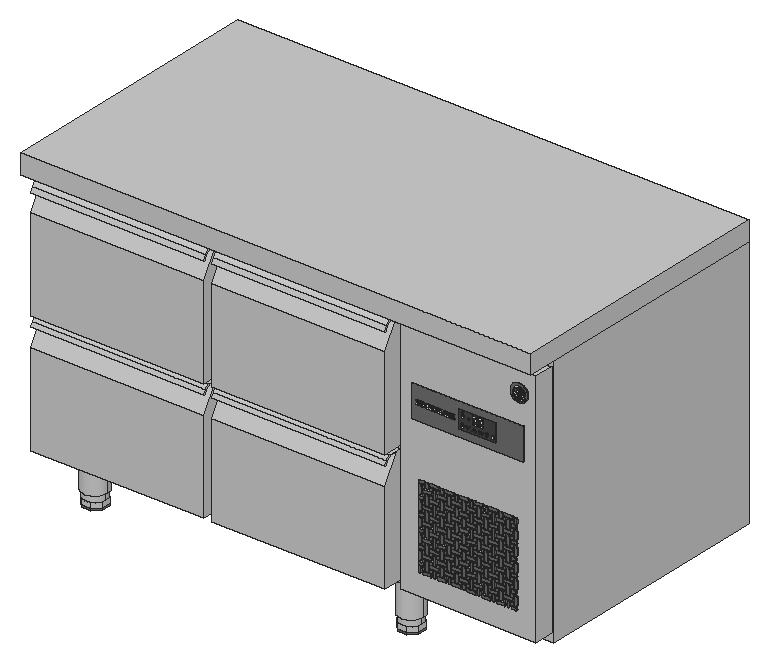
Revit family "QF_HOSHIZAKI_889000830", category Specialty Equipment, Revit 2016 (continued)
Definition of nested family "QF_HOSHIZAKI_889000830_230V_1Ph_50Hz"
  Definition of nested family "Control-panel"
    Forms (mm)
      Extrusion 1, solid
        sketch origin (-3653, 19.5, -135) x (-1, 0, 0) y (0, 0, 1)
          loop
            arc (-3954.5, 299.986) -> (-3951, 296.486) -> (-3947.5, 299.986) r 3.5
            line (-3947.5, 299.986) -> (-3947.5, 317.986)
          loop
            arc (-3941, 312.486) -> (-3944.5, 308.986) -> (-3941, 305.486) r 3.5
            line (-3941, 305.486) -> (-3923, 305.486)
            arc (-3923, 305.486) -> (-3919.5, 308.986) -> (-3923, 312.486) r 3.5
            line (-3923, 312.486) -> (-3941, 312.486)
          loop
            arc (-3903, 312.486) -> (-3906.5, 308.986) -> (-3903, 305.486) r 3.5
            line (-3903, 305.486) -> (-3885, 305.486)
            arc (-3885, 305.486) -> (-3881.5, 308.986) -> (-3885, 312.486) r 3.5
            line (-3885, 312.486) -> (-3903, 312.486)
          loop
            arc (-3865, 312.486) -> (-3868.5, 308.986) -> (-3865, 305.486) r 3.5
            line (-3865, 305.486) -> (-3847, 305.486)
            arc (-3847, 305.486) -> (-3843.5, 308.986) -> (-3847, 312.486) r 3.5
            line (-3847, 312.486) -> (-3865, 312.486)
          loop
            arc (-3827, 312.486) -> (-3830.5, 308.986) -> (-3827, 305.486) r 3.5
            line (-3827, 305.486) -> (-3809, 305.486)
            arc (-3809, 305.486) -> (-3805.5, 308.986) -> (-3809, 312.486) r 3.5
            line (-3809, 312.486) -> (-3827, 312.486)
          loop
            arc (-3789, 312.486) -> (-3792.5, 308.986) -> (-3789, 305.486) r 3.5
            line (-3789, 305.486) -> (-3771, 305.486)
            arc (-3771, 305.486) -> (-3767.5, 308.986) -> (-3771, 312.486) r 3.5
            line (-3771, 312.486) -> (-3789, 312.486)
          loop
            arc (-3751, 312.486) -> (-3754.5, 308.986) -> (-3751, 305.486) r 3.5
            line (-3751, 305.486) -> (-3733, 305.486)
            arc (-3733, 305.486) -> (-3729.5, 308.986) -> (-3733, 312.486) r 3.5
            line (-3733, 312.486) -> (-3751, 312.486)
          loop
            arc (-3713, 312.486) -> (-3716.5, 308.986) -> (-3713, 305.486) r 3.5
            line (-3713, 305.486) -> (-3704, 305.486)
            arc (-3704, 305.486) -> (-3700.5, 308.986) -> (-3704, 312.486) r 3.5
            line (-3704, 312.486) -> (-3713, 312.486)
          loop
            line (-3938.025, 302.996) -> (-3945.025, 302.996) -> (-3945.025, 295.996) -> (-3938.025, 295.996) -> (-3938.025, 302.996)
          loop
            line (-3919.025, 302.996) -> (-3926.025, 302.996) -> (-3926.025, 295.996) -> (-3919.025, 295.996) -> (-3919.025, 302.996)
          loop
            line (-3900.025, 302.996) -> (-3907.025, 302.996) -> (-3907.025, 295.996) -> (-3900.025, 295.996) -> (-3900.025, 302.996)
          loop
            line (-3881.025, 302.996) -> (-3888.025, 302.996) -> (-3888.025, 295.996) -> (-3881.025, 295.996) -> (-3881.025, 302.996)
          loop
            line (-3862.025, 302.996) -> (-3869.025, 302.996) -> (-3869.025, 295.996) -> (-3862.025, 295.996) -> (-3862.025, 302.996)
          loop
            line (-3843.025, 302.996) -> (-3850.025, 302.996) -> (-3850.025, 295.996) -> (-3843.025, 295.996) -> (-3843.025, 302.996)
          loop
            line (-3824.025, 302.996) -> (-3831.025, 302.996) -> (-3831.025, 295.996) -> (-3824.025, 295.996) -> (-3824.025, 302.996)
          loop
            line (-3805.025, 302.996) -> (-3812.025, 302.996) -> (-3812.025, 295.996) -> (-3805.025, 295.996) -> (-3805.025, 302.996)
          loop
            line (-3786.025, 302.996) -> (-3793.025, 302.996) -> (-3793.025, 295.996) -> (-3786.025, 295.996) -> (-3786.025, 302.996)
          loop
            line (-3767.025, 302.996) -> (-3774.025, 302.996) -> (-3774.025, 295.996) -> (-3767.025, 295.996) -> (-3767.025, 302.996)
          loop
            line (-3748.025, 302.996) -> (-3755.025, 302.996) -> (-3755.025, 295.996) -> (-3748.025, 295.996) -> (-3748.025, 302.996)
          loop
            line (-3729.025, 302.996) -> (-3736.025, 302.996) -> (-3736.025, 295.996) -> (-3729.025, 295.996) -> (-3729.025, 302.996)
          loop
            line (-3710.025, 302.996) -> (-3717.025, 302.996) -> (-3717.025, 295.996) -> (-3710.025, 295.996) -> (-3710.025, 302.996)
          loop
            line (-3935.5, 298.986) -> (-3935.5, 280.986)
            arc (-3935.5, 280.986) -> (-3932, 277.486) -> (-3928.5, 280.986) r 3.5
            line (-3928.5, 280.986) -> (-3928.5, 298.986)
            arc (-3928.5, 298.986) -> (-3932, 302.486) -> (-3935.5, 298.986) r 3.5
          loop
            line (-3897.5, 298.986) -> (-3897.5, 280.986)
            arc (-3897.5, 280.986) -> (-3894, 277.486) -> (-3890.5, 280.986) r 3.5
            line (-3890.5, 280.986) -> (-3890.5, 298.986)
            arc (-3890.5, 298.986) -> (-3894, 302.486) -> (-3897.5, 298.986) r 3.5
          loop
            line (-3859.5, 298.986) -> (-3859.5, 280.986)
            arc (-3859.5, 280.986) -> (-3856, 277.486) -> (-3852.5, 280.986) r 3.5
            line (-3852.5, 280.986) -> (-3852.5, 298.986)
            arc (-3852.5, 298.986) -> (-3856, 302.486) -> (-3859.5, 298.986) r 3.5
          loop
            line (-3821.5, 298.986) -> (-3821.5, 280.986)
            arc (-3821.5, 280.986) -> (-3818, 277.486) -> (-3814.5, 280.986) r 3.5
            line (-3814.5, 280.986) -> (-3814.5, 298.986)
            arc (-3814.5, 298.986) -> (-3818, 302.486) -> (-3821.5, 298.986) r 3.5
          loop
            line (-3783.5, 298.986) -> (-3783.5, 280.986)
            arc (-3783.5, 280.986) -> (-3780, 277.486) -> (-3776.5, 280.986) r 3.5
            line (-3776.5, 280.986) -> (-3776.5, 298.986)
            arc (-3776.5, 298.986) -> (-3780, 302.486) -> (-3783.5, 298.986) r 3.5
          loop
            line (-3745.5, 298.986) -> (-3745.5, 280.986)
            arc (-3745.5, 280.986) -> (-3742, 277.486) -> (-3738.5, 280.986) r 3.5
            line (-3738.5, 280.986) -> (-3738.5, 298.986)
            arc (-3738.5, 298.986) -> (-3742, 302.486) -> (-3745.5, 298.986) r 3.5
          loop
            line (-3707.5, 298.986) -> (-3707.5, 280.986)
            arc (-3707.5, 280.986) -> (-3704, 277.486) -> (-3700.5, 280.986) r 3.5
            line (-3700.5, 280.986) -> (-3700.5, 298.986)
            arc (-3700.5, 298.986) -> (-3704, 302.486) -> (-3707.5, 298.986) r 3.5
          loop
            arc (-3922, 293.486) -> (-3925.5, 289.986) -> (-3922, 286.486) r 3.5
            line (-3922, 286.486) -> (-3904, 286.486)
            arc (-3904, 286.486) -> (-3900.5, 289.986) -> (-3904, 293.486) r 3.5
            line (-3904, 293.486) -> (-3922, 293.486)
          loop
            arc (-3884, 293.486) -> (-3887.5, 289.986) -> (-3884, 286.486) r 3.5
            line (-3884, 286.486) -> (-3866, 286.486)
            arc (-3866, 286.486) -> (-3862.5, 289.986) -> (-3866, 293.486) r 3.5
            line (-3866, 293.486) -> (-3884, 293.486)
          loop
            arc (-3846, 293.486) -> (-3849.5, 289.986) -> (-3846, 286.486) r 3.5
            line (-3846, 286.486) -> (-3828, 286.486)
            arc (-3828, 286.486) -> (-3824.5, 289.986) -> (-3828, 293.486) r 3.5
            line (-3828, 293.486) -> (-3846, 293.486)
          loop
            arc (-3808, 293.486) -> (-3811.5, 289.986) -> (-3808, 286.486) r 3.5
            line (-3808, 286.486) -> (-3790, 286.486)
            arc (-3790, 286.486) -> (-3786.5, 289.986) -> (-3790, 293.486) r 3.5
            line (-3790, 293.486) -> (-3808, 293.486)
          loop
            arc (-3770, 293.486) -> (-3773.5, 289.986) -> (-3770, 286.486) r 3.5
            line (-3770, 286.486) -> (-3752, 286.486)
            arc (-3752, 286.486) -> (-3748.5, 289.986) -> (-3752, 293.486) r 3.5
            line (-3752, 293.486) -> (-3770, 293.486)
          loop
            arc (-3732, 293.486) -> (-3735.5, 289.986) -> (-3732, 286.486) r 3.5
            line (-3732, 286.486) -> (-3714, 286.486)
            arc (-3714, 286.486) -> (-3710.5, 289.986) -> (-3714, 293.486) r 3.5
            line (-3714, 293.486) -> (-3732, 293.486)
          loop
            line (-3938.025, 276.976) -> (-3938.025, 283.976) -> (-3945.025, 283.976) -> (-3945.025, 276.976) -> (-3938.025, 276.976)
          loop
            line (-3919.025, 276.976) -> (-3919.025, 283.976) -> (-3926.025, 283.976) -> (-3926.025, 276.976) -> (-3919.025, 276.976)
          loop
            line (-3900.025, 276.976) -> (-3900.025, 283.976) -> (-3907.025, 283.976) -> (-3907.025, 276.976) -> (-3900.025, 276.976)
          loop
            line (-3881.025, 276.976) -> (-3881.025, 283.976) -> (-3888.025, 283.976) -> (-3888.025, 276.976) -> (-3881.025, 276.976)
          loop
            line (-3862.025, 276.976) -> (-3862.025, 283.976) -> (-3869.025, 283.976) -> (-3869.025, 276.976) -> (-3862.025, 276.976)
          loop
            line (-3843.025, 276.976) -> (-3843.025, 283.976) -> (-3850.025, 283.976) -> (-3850.025, 276.976) -> (-3843.025, 276.976)
          loop
            line (-3824.025, 276.976) -> (-3824.025, 283.976) -> (-3831.025, 283.976) -> (-3831.025, 276.976) -> (-3824.025, 276.976)
          loop
            line (-3805.025, 276.976) -> (-3805.025, 283.976) -> (-3812.025, 283.976) -> (-3812.025, 276.976) -> (-3805.025, 276.976)
          loop
            line (-3786.025, 276.976) -> (-3786.025, 283.976) -> (-3793.025, 283.976) -> (-3793.025, 276.976) -> (-3786.025, 276.976)
          loop
            line (-3767.025, 276.976) -> (-3767.025, 283.976) -> (-3774.025, 283.976) -> (-3774.025, 276.976) -> (-3767.025, 276.976)
          loop
            line (-3748.025, 276.976) -> (-3748.025, 283.976) -> (-3755.025, 283.976) -> (-3755.025, 276.976) -> (-3748.025, 276.976)
          loop
            line (-3729.025, 276.976) -> (-3729.025, 283.976) -> (-3736.025, 283.976) -> (-3736.025, 276.976) -> (-3729.025, 276.976)
          loop
            line (-3710.025, 276.976) -> (-3710.025, 283.976) -> (-3717.025, 283.976) -> (-3717.025, 276.976) -> (-3710.025, 276.976)
          loop
            arc (-3719.5, 279.986) -> (-3723, 283.486) -> (-3726.5, 279.986) r 3.5
            line (-3726.5, 279.986) -> (-3726.5, 261.986)
            arc (-3726.5, 261.986) -> (-3723, 258.486) -> (-3719.5, 261.986) r 3.5
            line (-3719.5, 261.986) -> (-3719.5, 279.986)
          loop
            arc (-3757.5, 279.986) -> (-3761, 283.486) -> (-3764.5, 279.986) r 3.5
            line (-3764.5, 279.986) -> (-3764.5, 261.986)
            arc (-3764.5, 261.986) -> (-3761, 258.486) -> (-3757.5, 261.986) r 3.5
            line (-3757.5, 261.986) -> (-3757.5, 279.986)
          loop
            arc (-3795.5, 279.986) -> (-3799, 283.486) -> (-3802.5, 279.986) r 3.5
            line (-3802.5, 279.986) -> (-3802.5, 261.986)
            arc (-3802.5, 261.986) -> (-3799, 258.486) -> (-3795.5, 261.986) r 3.5
            line (-3795.5, 261.986) -> (-3795.5, 279.986)
          loop
            arc (-3833.5, 279.986) -> (-3837, 283.486) -> (-3840.5, 279.986) r 3.5
            line (-3840.5, 279.986) -> (-3840.5, 261.986)
            arc (-3840.5, 261.986) -> (-3837, 258.486) -> (-3833.5, 261.986) r 3.5
            line (-3833.5, 261.986) -> (-3833.5, 279.986)
          loop
            arc (-3871.5, 279.986) -> (-3875, 283.486) -> (-3878.5, 279.986) r 3.5
            line (-3878.5, 279.986) -> (-3878.5, 261.986)
            arc (-3878.5, 261.986) -> (-3875, 258.486) -> (-3871.5, 261.986) r 3.5
            line (-3871.5, 261.986) -> (-3871.5, 279.986)
          loop
            arc (-3909.5, 279.986) -> (-3913, 283.486) -> (-3916.5, 279.986) r 3.5
            line (-3916.5, 279.986) -> (-3916.5, 261.986)
            arc (-3916.5, 261.986) -> (-3913, 258.486) -> (-3909.5, 261.986) r 3.5
            line (-3909.5, 261.986) -> (-3909.5, 279.986)
          loop
            arc (-3951, 292.986) -> (-3954, 289.986) -> (-3951, 286.986) r 3
            line (-3951, 286.986) -> (-3942, 286.986)
            arc (-3942, 286.986) -> (-3939, 289.986) -> (-3942, 292.986) r 3
            line (-3942, 292.986) -> (-3951, 292.986)
          loop
            arc (-3947.5, 279.986) -> (-3951, 283.486) -> (-3954.5, 279.986) r 3.5
            line (-3954.5, 279.986) -> (-3954.5, 261.986)
            arc (-3954.5, 261.986) -> (-3951, 258.486) -> (-3947.5, 261.986) r 3.5
            line (-3947.5, 261.986) -> (-3947.5, 279.986)
          loop
            arc (-3941, 274.486) -> (-3944.5, 270.986) -> (-3941, 267.486) r 3.5
            line (-3941, 267.486) -> (-3923, 267.486)
            arc (-3923, 267.486) -> (-3919.5, 270.986) -> (-3923, 274.486) r 3.5
            line (-3923, 274.486) -> (-3941, 274.486)
          loop
            arc (-3903, 274.486) -> (-3906.5, 270.986) -> (-3903, 267.486) r 3.5
            line (-3903, 267.486) -> (-3885, 267.486)
            arc (-3885, 267.486) -> (-3881.5, 270.986) -> (-3885, 274.486) r 3.5
            line (-3885, 274.486) -> (-3903, 274.486)
          loop
            arc (-3865, 274.486) -> (-3868.5, 270.986) -> (-3865, 267.486) r 3.5
            line (-3865, 267.486) -> (-3847, 267.486)
            arc (-3847, 267.486) -> (-3843.5, 270.986) -> (-3847, 274.486) r 3.5
            line (-3847, 274.486) -> (-3865, 274.486)
          loop
            arc (-3827, 274.486) -> (-3830.5, 270.986) -> (-3827, 267.486) r 3.5
            line (-3827, 267.486) -> (-3809, 267.486)
            arc (-3809, 267.486) -> (-3805.5, 270.986) -> (-3809, 274.486) r 3.5
            line (-3809, 274.486) -> (-3827, 274.486)
          loop
            arc (-3789, 274.486) -> (-3792.5, 270.986) -> (-3789, 267.486) r 3.5
            line (-3789, 267.486) -> (-3771, 267.486)
            arc (-3771, 267.486) -> (-3767.5, 270.986) -> (-3771, 274.486) r 3.5
            line (-3771, 274.486) -> (-3789, 274.486)
          loop
            arc (-3751, 274.486) -> (-3754.5, 270.986) -> (-3751, 267.486) r 3.5
            line (-3751, 267.486) -> (-3733, 267.486)
            arc (-3733, 267.486) -> (-3729.5, 270.986) -> (-3733, 274.486) r 3.5
            line (-3733, 274.486) -> (-3751, 274.486)
          loop
            arc (-3713, 274.486) -> (-3716.5, 270.986) -> (-3713, 267.486) r 3.5
            line (-3713, 267.486) -> (-3704, 267.486)
            arc (-3704, 267.486) -> (-3700.5, 270.986) -> (-3704, 274.486) r 3.5
            line (-3704, 274.486) -> (-3713, 274.486)
          loop
            line (-3938.025, 264.996) -> (-3945.025, 264.996) -> (-3945.025, 257.996) -> (-3938.025, 257.996) -> (-3938.025, 264.996)
          loop
            line (-3919.025, 264.996) -> (-3926.025, 264.996) -> (-3926.025, 257.996) -> (-3919.025, 257.996) -> (-3919.025, 264.996)
          loop
            line (-3900.025, 264.996) -> (-3907.025, 264.996) -> (-3907.025, 257.996) -> (-3900.025, 257.996) -> (-3900.025, 264.996)
          loop
            line (-3881.025, 264.996) -> (-3888.025, 264.996) -> (-3888.025, 257.996) -> (-3881.025, 257.996) -> (-3881.025, 264.996)
          loop
            line (-3862.025, 264.996) -> (-3869.025, 264.996) -> (-3869.025, 257.996) -> (-3862.025, 257.996) -> (-3862.025, 264.996)
          loop
            line (-3843.025, 264.996) -> (-3850.025, 264.996) -> (-3850.025, 257.996) -> (-3843.025, 257.996) -> (-3843.025, 264.996)
          loop
            line (-3824.025, 264.996) -> (-3831.025, 264.996) -> (-3831.025, 257.996) -> (-3824.025, 257.996) -> (-3824.025, 264.996)
          loop
            line (-3805.025, 264.996) -> (-3812.025, 264.996) -> (-3812.025, 257.996) -> (-3805.025, 257.996) -> (-3805.025, 264.996)
          loop
            line (-3786.025, 264.996) -> (-3793.025, 264.996) -> (-3793.025, 257.996) -> (-3786.025, 257.996) -> (-3786.025, 264.996)
          loop
            line (-3767.025, 264.996) -> (-3774.025, 264.996) -> (-3774.025, 257.996) -> (-3767.025, 257.996) -> (-3767.025, 264.996)
          loop
            line (-3748.025, 264.996) -> (-3755.025, 264.996) -> (-3755.025, 257.996) -> (-3748.025, 257.996) -> (-3748.025, 264.996)
          loop
            line (-3729.025, 264.996) -> (-3736.025, 264.996) -> (-3736.025, 257.996) -> (-3729.025, 257.996) -> (-3729.025, 264.996)
          loop
            line (-3710.025, 264.996) -> (-3717.025, 264.996) -> (-3717.025, 257.996) -> (-3710.025, 257.996) -> (-3710.025, 264.996)
          loop
            line (-3935.5, 260.986) -> (-3935.5, 242.986)
            arc (-3935.5, 242.986) -> (-3932, 239.486) -> (-3928.5, 242.986) r 3.5
            line (-3928.5, 242.986) -> (-3928.5, 260.986)
            arc (-3928.5, 260.986) -> (-3932, 264.486) -> (-3935.5, 260.986) r 3.5
          loop
            line (-3897.5, 260.986) -> (-3897.5, 242.986)
            arc (-3897.5, 242.986) -> (-3894, 239.486) -> (-3890.5, 242.986) r 3.5
            line (-3890.5, 242.986) -> (-3890.5, 260.986)
            arc (-3890.5, 260.986) -> (-3894, 264.486) -> (-3897.5, 260.986) r 3.5
          loop
            line (-3859.5, 260.986) -> (-3859.5, 242.986)
            arc (-3859.5, 242.986) -> (-3856, 239.486) -> (-3852.5, 242.986) r 3.5
            line (-3852.5, 242.986) -> (-3852.5, 260.986)
            arc (-3852.5, 260.986) -> (-3856, 264.486) -> (-3859.5, 260.986) r 3.5
          loop
            line (-3821.5, 260.986) -> (-3821.5, 242.986)
            arc (-3821.5, 242.986) -> (-3818, 239.486) -> (-3814.5, 242.986) r 3.5
            line (-3814.5, 242.986) -> (-3814.5, 260.986)
            arc (-3814.5, 260.986) -> (-3818, 264.486) -> (-3821.5, 260.986) r 3.5
          loop
            line (-3783.5, 260.986) -> (-3783.5, 242.986)
            arc (-3783.5, 242.986) -> (-3780, 239.486) -> (-3776.5, 242.986) r 3.5
            line (-3776.5, 242.986) -> (-3776.5, 260.986)
            arc (-3776.5, 260.986) -> (-3780, 264.486) -> (-3783.5, 260.986) r 3.5
          loop
            line (-3745.5, 260.986) -> (-3745.5, 242.986)
            arc (-3745.5, 242.986) -> (-3742, 239.486) -> (-3738.5, 242.986) r 3.5
            line (-3738.5, 242.986) -> (-3738.5, 260.986)
            arc (-3738.5, 260.986) -> (-3742, 264.486) -> (-3745.5, 260.986) r 3.5
          loop
            line (-3707.5, 260.986) -> (-3707.5, 242.986)
            arc (-3707.5, 242.986) -> (-3704, 239.486) -> (-3700.5, 242.986) r 3.5
            line (-3700.5, 242.986) -> (-3700.5, 260.986)
            arc (-3700.5, 260.986) -> (-3704, 264.486) -> (-3707.5, 260.986) r 3.5
          loop
            arc (-3922, 255.486) -> (-3925.5, 251.986) -> (-3922, 248.486) r 3.5
            line (-3922, 248.486) -> (-3904, 248.486)
            arc (-3904, 248.486) -> (-3900.5, 251.986) -> (-3904, 255.486) r 3.5
            line (-3904, 255.486) -> (-3922, 255.486)
          loop
            arc (-3884, 255.486) -> (-3887.5, 251.986) -> (-3884, 248.486) r 3.5
            line (-3884, 248.486) -> (-3866, 248.486)
            arc (-3866, 248.486) -> (-3862.5, 251.986) -> (-3866, 255.486) r 3.5
            line (-3866, 255.486) -> (-3884, 255.486)
          loop
            arc (-3846, 255.486) -> (-3849.5, 251.986) -> (-3846, 248.486) r 3.5
            line (-3846, 248.486) -> (-3828, 248.486)
            arc (-3828, 248.486) -> (-3824.5, 251.986) -> (-3828, 255.486) r 3.5
            line (-3828, 255.486) -> (-3846, 255.486)
          loop
            arc (-3808, 255.486) -> (-3811.5, 251.986) -> (-3808, 248.486) r 3.5
            line (-3808, 248.486) -> (-3790, 248.486)
            arc (-3790, 248.486) -> (-3786.5, 251.986) -> (-3790, 255.486) r 3.5
            line (-3790, 255.486) -> (-3808, 255.486)
          loop
            arc (-3770, 255.486) -> (-3773.5, 251.986) -> (-3770, 248.486) r 3.5
            line (-3770, 248.486) -> (-3752, 248.486)
            arc (-3752, 248.486) -> (-3748.5, 251.986) -> (-3752, 255.486) r 3.5
            line (-3752, 255.486) -> (-3770, 255.486)
          loop
            arc (-3732, 255.486) -> (-3735.5, 251.986) -> (-3732, 248.486) r 3.5
            line (-3732, 248.486) -> (-3714, 248.486)
            arc (-3714, 248.486) -> (-3710.5, 251.986) -> (-3714, 255.486) r 3.5
            line (-3714, 255.486) -> (-3732, 255.486)
          loop
            line (-3938.025, 238.976) -> (-3938.025, 245.976) -> (-3945.025, 245.976) -> (-3945.025, 238.976) -> (-3938.025, 238.976)
          loop
            line (-3919.025, 238.976) -> (-3919.025, 245.976) -> (-3926.025, 245.976) -> (-3926.025, 238.976) -> (-3919.025, 238.976)
          loop
            line (-3900.025, 238.976) -> (-3900.025, 245.976) -> (-3907.025, 245.976) -> (-3907.025, 238.976) -> (-3900.025, 238.976)
          loop
            line (-3881.025, 238.976) -> (-3881.025, 245.976) -> (-3888.025, 245.976) -> (-3888.025, 238.976) -> (-3881.025, 238.976)
          loop
            line (-3862.025, 238.976) -> (-3862.025, 245.976) -> (-3869.025, 245.976) -> (-3869.025, 238.976) -> (-3862.025, 238.976)
          loop
            line (-3843.025, 238.976) -> (-3843.025, 245.976) -> (-3850.025, 245.976) -> (-3850.025, 238.976) -> (-3843.025, 238.976)
          loop
            line (-3824.025, 238.976) -> (-3824.025, 245.976) -> (-3831.025, 245.976) -> (-3831.025, 238.976) -> (-3824.025, 238.976)
          loop
            line (-3805.025, 238.976) -> (-3805.025, 245.976) -> (-3812.025, 245.976) -> (-3812.025, 238.976) -> (-3805.025, 238.976)
          loop
            line (-3786.025, 238.976) -> (-3786.025, 245.976) -> (-3793.025, 245.976) -> (-3793.025, 238.976) -> (-3786.025, 238.976)
          loop
            line (-3767.025, 238.976) -> (-3767.025, 245.976) -> (-3774.025, 245.976) -> (-3774.025, 238.976) -> (-3767.025, 238.976)
          loop
            line (-3748.025, 238.976) -> (-3748.025, 245.976) -> (-3755.025, 245.976) -> (-3755.025, 238.976) -> (-3748.025, 238.976)
          loop
            line (-3729.025, 238.976) -> (-3729.025, 245.976) -> (-3736.025, 245.976) -> (-3736.025, 238.976) -> (-3729.025, 238.976)
          loop
            line (-3710.025, 238.976) -> (-3710.025, 245.976) -> (-3717.025, 245.976) -> (-3717.025, 238.976) -> (-3710.025, 238.976)
          loop
            arc (-3719.5, 241.986) -> (-3723, 245.486) -> (-3726.5, 241.986) r 3.5
            line (-3726.5, 241.986) -> (-3726.5, 223.986)
            arc (-3726.5, 223.986) -> (-3723, 220.486) -> (-3719.5, 223.986) r 3.5
            line (-3719.5, 223.986) -> (-3719.5, 241.986)
          loop
            arc (-3757.5, 241.986) -> (-3761, 245.486) -> (-3764.5, 241.986) r 3.5
            line (-3764.5, 241.986) -> (-3764.5, 223.986)
            arc (-3764.5, 223.986) -> (-3761, 220.486) -> (-3757.5, 223.986) r 3.5
            line (-3757.5, 223.986) -> (-3757.5, 241.986)
          loop
            arc (-3795.5, 241.986) -> (-3799, 245.486) -> (-3802.5, 241.986) r 3.5
            line (-3802.5, 241.986) -> (-3802.5, 223.986)
            arc (-3802.5, 223.986) -> (-3799, 220.486) -> (-3795.5, 223.986) r 3.5
            line (-3795.5, 223.986) -> (-3795.5, 241.986)
          loop
            arc (-3833.5, 241.986) -> (-3837, 245.486) -> (-3840.5, 241.986) r 3.5
            line (-3840.5, 241.986) -> (-3840.5, 223.986)
            arc (-3840.5, 223.986) -> (-3837, 220.486) -> (-3833.5, 223.986) r 3.5
            line (-3833.5, 223.986) -> (-3833.5, 241.986)
          loop
            arc (-3871.5, 241.986) -> (-3875, 245.486) -> (-3878.5, 241.986) r 3.5
            line (-3878.5, 241.986) -> (-3878.5, 223.986)
            arc (-3878.5, 223.986) -> (-3875, 220.486) -> (-3871.5, 223.986) r 3.5
            line (-3871.5, 223.986) -> (-3871.5, 241.986)
          loop
            arc (-3909.5, 241.986) -> (-3913, 245.486) -> (-3916.5, 241.986) r 3.5
            line (-3916.5, 241.986) -> (-3916.5, 223.986)
            arc (-3916.5, 223.986) -> (-3913, 220.486) -> (-3909.5, 223.986) r 3.5
            line (-3909.5, 223.986) -> (-3909.5, 241.986)
          loop
            arc (-3951, 254.986) -> (-3954, 251.986) -> (-3951, 248.986) r 3
            line (-3951, 248.986) -> (-3942, 248.986)
            arc (-3942, 248.986) -> (-3939, 251.986) -> (-3942, 254.986) r 3
            line (-3942, 254.986) -> (-3951, 254.986)
          loop
            arc (-3947.5, 241.986) -> (-3951, 245.486) -> (-3954.5, 241.986) r 3.5
            line (-3954.5, 241.986) -> (-3954.5, 223.986)
            arc (-3954.5, 223.986) -> (-3951, 220.486) -> (-3947.5, 223.986) r 3.5
            line (-3947.5, 223.986) -> (-3947.5, 241.986)
          loop
            arc (-3941, 236.486) -> (-3944.5, 232.986) -> (-3941, 229.486) r 3.5
            line (-3941, 229.486) -> (-3923, 229.486)
            arc (-3923, 229.486) -> (-3919.5, 232.986) -> (-3923, 236.486) r 3.5
            line (-3923, 236.486) -> (-3941, 236.486)
          loop
            arc (-3903, 236.486) -> (-3906.5, 232.986) -> (-3903, 229.486) r 3.5
            line (-3903, 229.486) -> (-3885, 229.486)
            arc (-3885, 229.486) -> (-3881.5, 232.986) -> (-3885, 236.486) r 3.5
            line (-3885, 236.486) -> (-3903, 236.486)
          loop
            arc (-3865, 236.486) -> (-3868.5, 232.986) -> (-3865, 229.486) r 3.5
            line (-3865, 229.486) -> (-3847, 229.486)
            arc (-3847, 229.486) -> (-3843.5, 232.986) -> (-3847, 236.486) r 3.5
            line (-3847, 236.486) -> (-3865, 236.486)
          loop
            arc (-3827, 236.486) -> (-3830.5, 232.986) -> (-3827, 229.486) r 3.5
            line (-3827, 229.486) -> (-3809, 229.486)
            arc (-3809, 229.486) -> (-3805.5, 232.986) -> (-3809, 236.486) r 3.5
            line (-3809, 236.486) -> (-3827, 236.486)
          loop
            arc (-3789, 236.486) -> (-3792.5, 232.986) -> (-3789, 229.486) r 3.5
            line (-3789, 229.486) -> (-3771, 229.486)
            arc (-3771, 229.486) -> (-3767.5, 232.986) -> (-3771, 236.486) r 3.5
            line (-3771, 236.486) -> (-3789, 236.486)
          loop
            arc (-3751, 236.486) -> (-3754.5, 232.986) -> (-3751, 229.486) r 3.5
            line (-3751, 229.486) -> (-3733, 229.486)
            arc (-3733, 229.486) -> (-3729.5, 232.986) -> (-3733, 236.486) r 3.5
            line (-3733, 236.486) -> (-3751, 236.486)
          loop
            arc (-3713, 236.486) -> (-3716.5, 232.986) -> (-3713, 229.486) r 3.5
            line (-3713, 229.486) -> (-3704, 229.486)
            arc (-3704, 229.486) -> (-3700.5, 232.986) -> (-3704, 236.486) r 3.5
            line (-3704, 236.486) -> (-3713, 236.486)
          loop
            line (-3938.025, 226.996) -> (-3945.025, 226.996) -> (-3945.025, 219.996) -> (-3938.025, 219.996) -> (-3938.025, 226.996)
          loop
            line (-3919.025, 226.996) -> (-3926.025, 226.996) -> (-3926.025, 219.996) -> (-3919.025, 219.996) -> (-3919.025, 226.996)
          loop
            line (-3900.025, 226.996) -> (-3907.025, 226.996) -> (-3907.025, 219.996) -> (-3900.025, 219.996) -> (-3900.025, 226.996)
          loop
            line (-3881.025, 226.996) -> (-3888.025, 226.996) -> (-3888.025, 219.996) -> (-3881.025, 219.996) -> (-3881.025, 226.996)
          loop
            line (-3862.025, 226.996) -> (-3869.025, 226.996) -> (-3869.025, 219.996) -> (-3862.025, 219.996) -> (-3862.025, 226.996)
          loop
            line (-3843.025, 226.996) -> (-3850.025, 226.996) -> (-3850.025, 219.996) -> (-3843.025, 219.996) -> (-3843.025, 226.996)
          loop
            line (-3824.025, 226.996) -> (-3831.025, 226.996) -> (-3831.025, 219.996) -> (-3824.025, 219.996) -> (-3824.025, 226.996)
          loop
            line (-3805.025, 226.996) -> (-3812.025, 226.996) -> (-3812.025, 219.996) -> (-3805.025, 219.996) -> (-3805.025, 226.996)
          loop
            line (-3786.025, 226.996) -> (-3793.025, 226.996) -> (-3793.025, 219.996) -> (-3786.025, 219.996) -> (-3786.025, 226.996)
          loop
            line (-3767.025, 226.996) -> (-3774.025, 226.996) -> (-3774.025, 219.996) -> (-3767.025, 219.996) -> (-3767.025, 226.996)
          loop
            line (-3748.025, 226.996) -> (-3755.025, 226.996) -> (-3755.025, 219.996) -> (-3748.025, 219.996) -> (-3748.025, 226.996)
          loop
            line (-3729.025, 226.996) -> (-3736.025, 226.996) -> (-3736.025, 219.996) -> (-3729.025, 219.996) -> (-3729.025, 226.996)
          loop
            line (-3710.025, 226.996) -> (-3717.025, 226.996) -> (-3717.025, 219.996) -> (-3710.025, 219.996) -> (-3710.025, 226.996)
          loop
            arc (-3922, 217.486) -> (-3925.5, 213.986) -> (-3922, 210.486) r 3.5
            line (-3922, 210.486) -> (-3904, 210.486)
            arc (-3904, 210.486) -> (-3900.5, 213.986) -> (-3904, 217.486) r 3.5
            line (-3904, 217.486) -> (-3922, 217.486)
          loop
            arc (-3884, 217.486) -> (-3887.5, 213.986) -> (-3884, 210.486) r 3.5
            line (-3884, 210.486) -> (-3866, 210.486)
            arc (-3866, 210.486) -> (-3862.5, 213.986) -> (-3866, 217.486) r 3.5
            line (-3866, 217.486) -> (-3884, 217.486)
          loop
            arc (-3846, 217.486) -> (-3849.5, 213.986) -> (-3846, 210.486) r 3.5
            line (-3846, 210.486) -> (-3828, 210.486)
            arc (-3828, 210.486) -> (-3824.5, 213.986) -> (-3828, 217.486) r 3.5
            line (-3828, 217.486) -> (-3846, 217.486)
          loop
            arc (-3808, 217.486) -> (-3811.5, 213.986) -> (-3808, 210.486) r 3.5
            line (-3808, 210.486) -> (-3790, 210.486)
            arc (-3790, 210.486) -> (-3786.5, 213.986) -> (-3790, 217.486) r 3.5
            line (-3790, 217.486) -> (-3808, 217.486)
          loop
            arc (-3770, 217.486) -> (-3773.5, 213.986) -> (-3770, 210.486) r 3.5
            line (-3770, 210.486) -> (-3752, 210.486)
            arc (-3752, 210.486) -> (-3748.5, 213.986) -> (-3752, 217.486) r 3.5
            line (-3752, 217.486) -> (-3770, 217.486)
          loop
            arc (-3732, 217.486) -> (-3735.5, 213.986) -> (-3732, 210.486) r 3.5
            line (-3732, 210.486) -> (-3714, 210.486)
            arc (-3714, 210.486) -> (-3710.5, 213.986) -> (-3714, 217.486) r 3.5
            line (-3714, 217.486) -> (-3732, 217.486)
          loop
            arc (-3951, 216.986) -> (-3954, 213.986) -> (-3951, 210.986) r 3
            line (-3951, 210.986) -> (-3942, 210.986)
            arc (-3942, 210.986) -> (-3939, 213.986) -> (-3942, 216.986) r 3
            line (-3942, 216.986) -> (-3951, 216.986)
          loop
            arc (-3701, 223.486) -> (-3704, 226.486) -> (-3707, 223.486) r 3
            line (-3707, 223.486) -> (-3707, 214.486)
            arc (-3707, 214.486) -> (-3704, 211.486) -> (-3701, 214.486) r 3
            line (-3701, 214.486) -> (-3701, 223.486)
          loop
            arc (-3739, 223.486) -> (-3742, 226.486) -> (-3745, 223.486) r 3
            line (-3745, 223.486) -> (-3745, 214.486)
            arc (-3745, 214.486) -> (-3742, 211.486) -> (-3739, 214.486) r 3
            line (-3739, 214.486) -> (-3739, 223.486)
          loop
            arc (-3777, 223.486) -> (-3780, 226.486) -> (-3783, 223.486) r 3
            line (-3783, 223.486) -> (-3783, 214.486)
            arc (-3783, 214.486) -> (-3780, 211.486) -> (-3777, 214.486) r 3
            line (-3777, 214.486) -> (-3777, 223.486)
          loop
            arc (-3815, 223.486) -> (-3818, 226.486) -> (-3821, 223.486) r 3
            line (-3821, 223.486) -> (-3821, 214.486)
            arc (-3821, 214.486) -> (-3818, 211.486) -> (-3815, 214.486) r 3
            line (-3815, 214.486) -> (-3815, 223.486)
          loop
            arc (-3853, 223.486) -> (-3856, 226.486) -> (-3859, 223.486) r 3
            line (-3859, 223.486) -> (-3859, 214.486)
            arc (-3859, 214.486) -> (-3856, 211.486) -> (-3853, 214.486) r 3
            line (-3853, 214.486) -> (-3853, 223.486)
          loop
            arc (-3891, 223.486) -> (-3894, 226.486) -> (-3897, 223.486) r 3
            line (-3897, 223.486) -> (-3897, 214.486)
            arc (-3897, 214.486) -> (-3894, 211.486) -> (-3891, 214.486) r 3
            line (-3891, 214.486) -> (-3891, 223.486)
          loop
            arc (-3929, 223.486) -> (-3932, 226.486) -> (-3935, 223.486) r 3
            line (-3935, 223.486) -> (-3935, 214.486)
            arc (-3935, 214.486) -> (-3932, 211.486) -> (-3929, 214.486) r 3
            line (-3929, 214.486) -> (-3929, 223.486)
        from 5.5 to 7.5
      Extrusion 2, solid
        sketch origin (-1812, 19.5, -302.5) x (-1, 0, 0) y (0, 0, 1)
          loop
            line (-2131, 808) -> (-2131, 731)
            arc (-2131, 731) -> (-2130.121, 728.879) -> (-2128, 728) r 3
            line (-2128, 728) -> (-1845, 728)
            arc (-1845, 728) -> (-1842.879, 728.879) -> (-1842, 731) r 3
            line (-1842, 731) -> (-1842, 808)
            arc (-1842, 808) -> (-1842.879, 810.121) -> (-1845, 811) r 3
            line (-1845, 811) -> (-2128, 811)
            arc (-2128, 811) -> (-2130.121, 810.121) -> (-2131, 808) r 3
        from 5.5 to 7.5
      Extrusion 3, solid
        sketch origin (-1721.829, 19.5, -302.5) x (-1, 0, 0) y (0, 0, 1)
          loop
            line (-1873, 793) -> (-1968.159, 793) -> (-1968.159, 746) -> (-1873, 746) -> (-1873, 793)
        from 5 to 7.5
      Extrusion 4, solid, visible <- "Show Logo"
        sketch origin (-1807, 19.5, -188.5) x (-1, 0, 0) y (0, 0, 1)
          loop
            circle (-2113.5, 769.5) r 13.99
        from 4.5 to 6
      Extrusion 5, solid, visible <- "Show Logo"
        sketch origin (-1807, 19.5, -188.5) x (-1, 0, 0) y (0, 0, 1)
          loop
            circle (-2113.5, 769.5) r 15
          loop
            line (-2126.5, 769.5) -> (-2120.846, 773.459) -> (-2118.907, 773.459) -> (-2118.036, 763.497) -> (-2119.632, 763.497) -> (-2117.808, 760.891) -> (-2122.091, 759.743)
            arc (-2122.091, 759.743) -> (-2112.99, 756.51) -> (-2104.171, 760.446) r 13
            line (-2104.171, 760.446) -> (-2111.913, 760.446) -> (-2113.024, 758.523) -> (-2117.6, 758.523) -> (-2113.951, 764.843) -> (-2112.168, 762.297) -> (-2110.969, 763.497) -> (-2112.161, 767.945) -> (-2112.983, 771.014) -> (-2114.045, 774.979) -> (-2115.629, 777.241) -> (-2111.344, 777.241) -> (-2110.01, 772.26) -> (-2108.361, 772.26) -> (-2107.029, 770.928) -> (-2104.038, 769.201) -> (-2103.03, 765.437) -> (-2100.604, 767.863)
            arc (-2100.604, 767.863) -> (-2112.68, 782.474) -> (-2126.5, 769.5) r 13
          loop
            arc (-2125.531, 764.467) -> (-2124.506, 762.602) -> (-2123.241, 760.891) r 15.828
            line (-2123.241, 760.891) -> (-2121.071, 768.926) -> (-2125.531, 764.467)
          loop
            line (-2109.801, 769.877) -> (-2109.801, 764.664) -> (-2108.483, 768.285) -> (-2106.744, 769.399) -> (-2109.801, 769.877)
          loop
            line (-2108.558, 762.979) -> (-2105.47, 762.035) -> (-2104.504, 761.224) -> (-2103.812, 761.916) -> (-2105.089, 763.908) -> (-2108.558, 762.979)
          loop
            line (-2110.775, 779.307) -> (-2108.457, 780.388) -> (-2110.775, 781.009) -> (-2110.775, 779.307)
          loop
            line (-2113.024, 781.662) -> (-2115.087, 781.11) -> (-2114.199, 779.205) -> (-2112.584, 779.638) -> (-2113.79, 780.335) -> (-2113.024, 781.662)
          loop
            line (-2113.762, 753.783) -> (-2114.844, 752.701) -> (-2116.385, 752.701) -> (-2115.329, 751.645) -> (-2115.642, 749.874) -> (-2113.762, 750.959) -> (-2111.881, 749.874) -> (-2112.194, 751.645) -> (-2111.138, 752.701) -> (-2112.679, 752.701) -> (-2113.762, 753.783)
          loop
            line (-2126.524, 760.7) -> (-2128.032, 760.965) -> (-2128.916, 762.228) -> (-2129.176, 760.757) -> (-2130.805, 759.997) -> (-2128.838, 759.08) -> (-2128.648, 756.917) -> (-2127.377, 758.188) -> (-2125.906, 757.929) -> (-2126.79, 759.191) -> (-2126.524, 760.7)
          loop
            line (-2120.989, 755.68) -> (-2122.45, 755.219) -> (-2123.816, 755.931) -> (-2123.367, 754.507) -> (-2124.462, 753.08) -> (-2122.293, 753.175) -> (-2121.127, 751.344) -> (-2120.586, 753.059) -> (-2119.162, 753.508) -> (-2120.529, 754.219) -> (-2120.989, 755.68)
          loop
            line (-2100.476, 760.7) -> (-2100.21, 759.191) -> (-2101.094, 757.929) -> (-2099.623, 758.188) -> (-2098.352, 756.917) -> (-2098.162, 759.08) -> (-2096.195, 759.997) -> (-2097.824, 760.757) -> (-2098.084, 762.228) -> (-2098.968, 760.965) -> (-2100.476, 760.7)
          loop
            line (-2106.011, 755.68) -> (-2106.471, 754.219) -> (-2107.838, 753.508) -> (-2106.414, 753.059) -> (-2105.873, 751.344) -> (-2104.707, 753.175) -> (-2102.538, 753.08) -> (-2103.633, 754.507) -> (-2103.184, 755.931) -> (-2104.55, 755.219) -> (-2106.011, 755.68)
        from 4 to 6
      Extrusion 6, solid, visible <- "Show Logo"
        sketch origin (-1807, 19.5, -188.5) x (-1, 0, 0) y (0, 0, 1)
          loop
            line (-2110.775, 781.009) -> (-2112.201, 782.435)
            arc (-2112.201, 782.435) -> (-2113.187, 782.496) -> (-2114.172, 782.435) r 8.046
            arc (-2114.172, 782.435) -> (-2116.517, 781.025) -> (-2117.04, 778.339) r 3.366
            line (-2117.04, 778.339) -> (-2118.907, 773.459) -> (-2117.808, 760.891) -> (-2119.436, 758.565) -> (-2117.576, 758.565) -> (-2113.951, 764.843) -> (-2112.168, 762.297) -> (-2110.969, 763.497) -> (-2114.045, 774.979) -> (-2115.629, 777.241) -> (-2111.299, 777.241) -> (-2110.775, 779.307) -> (-2110.775, 781.009)
          loop
            line (-2116.531, 758.523) -> (-2117.14, 757.468) -> (-2111.822, 757.468) -> (-2112.761, 758.407) -> (-2109.605, 758.407) -> (-2110.682, 759.485) -> (-2112.469, 759.485) -> (-2113.024, 758.523) -> (-2116.531, 758.523)
          loop
            line (-2113.024, 781.662) -> (-2115.087, 781.11) -> (-2114.199, 779.205) -> (-2112.584, 779.638) -> (-2113.79, 780.335) -> (-2113.024, 781.662)
        from 4 to 6
      Extrusion 7, solid, visible <- "Show Logo"
        sketch origin (-1807, 19.5, -188.5) x (-1, 0, 0) y (0, 0, 1)
          loop
            circle (-2113.5, 769.5) r 22.5
        from 5 to 7.5
      Extrusion 8, solid
        sketch origin (-1721.829, 19.5, -302.5) x (-1, 0, 0) y (0, 0, 1)
          loop
            line (-1897.356, 754.233) -> (-1901.676, 760.18) -> (-1902.485, 759.592) -> (-1897.356, 752.532) -> (-1892.226, 759.592) -> (-1893.035, 760.18) -> (-1897.356, 754.233)
          loop
            line (-1895.298, 779.667) -> (-1903.298, 779.667) -> (-1899.298, 774.161) -> (-1895.298, 779.667)
          loop
            arc (-1884, 780.828) -> (-1883, 775) -> (-1882, 780.828) r 3
            line (-1882, 780.828) -> (-1882, 789)
            arc (-1882, 789) -> (-1883, 790) -> (-1884, 789) r 1
            line (-1884, 789) -> (-1884, 780.828)
          loop
            line (-1936.977, 758.753) -> (-1936.977, 757.753) -> (-1935.558, 757.753) -> (-1935.558, 753.753) -> (-1934.558, 753.753) -> (-1934.558, 757.753) -> (-1933.139, 757.753) -> (-1933.139, 758.753) -> (-1936.977, 758.753)
          loop
            line (-1932.115, 758.753) -> (-1932.115, 757.753) -> (-1929.56, 757.753) -> (-1929.56, 756.753) -> (-1932.115, 756.753) -> (-1932.115, 755.753) -> (-1929.56, 755.753) -> (-1929.56, 754.846) -> (-1932.115, 754.846) -> (-1932.115, 753.959) -> (-1928.597, 753.959) -> (-1928.597, 758.753) -> (-1932.115, 758.753)
          loop
            arc (-1924.65, 754.079) -> (-1924.044, 754.636) -> (-1923.817, 755.427) r 1.523
            line (-1923.817, 755.427) -> (-1924.894, 755.427)
            arc (-1924.894, 755.427) -> (-1925.223, 754.677) -> (-1926.036, 754.57) r 0.834
            arc (-1926.036, 754.57) -> (-1926.426, 755.149) -> (-1926.036, 755.728) r 0.624
            line (-1926.036, 755.728) -> (-1924.4, 756.389)
            arc (-1924.4, 756.389) -> (-1923.819, 757.429) -> (-1924.4, 758.468) r 1.22
            arc (-1924.4, 758.468) -> (-1925.609, 758.837) -> (-1926.845, 758.566) r 2.5
            arc (-1926.845, 758.566) -> (-1927.43, 758.007) -> (-1927.61, 757.218) r 1.408
            line (-1927.61, 757.218) -> (-1926.501, 757.218)
            arc (-1926.501, 757.218) -> (-1926.119, 757.761) -> (-1925.46, 757.843) r 0.819
            arc (-1925.46, 757.843) -> (-1925.082, 757.298) -> (-1925.527, 756.805) r 0.534
            arc (-1925.527, 756.805) -> (-1926.174, 756.645) -> (-1926.79, 756.389) r 4.401
            arc (-1926.79, 756.389) -> (-1927.499, 755.234) -> (-1926.79, 754.079) r 1.296
            arc (-1926.79, 754.079) -> (-1925.72, 753.823) -> (-1924.65, 754.079) r 2.364
          loop
            line (-1958.87, 752.532) -> (-1958.87, 755.934)
            arc (-1958.87, 755.934) -> (-1958.222, 756.503) -> (-1957.723, 757.207) r 3.697
            arc (-1957.723, 757.207) -> (-1957.553, 757.851) -> (-1957.699, 758.502) r 1.401
            arc (-1957.699, 758.502) -> (-1958.144, 759.265) -> (-1958.709, 759.944) r 5.307
            arc (-1958.709, 759.944) -> (-1959.239, 760.424) -> (-1959.82, 760.841) r 6.284
            arc (-1959.82, 760.841) -> (-1960.356, 760.997) -> (-1960.892, 760.841) r 1
            arc (-1960.892, 760.841) -> (-1961.473, 760.424) -> (-1962.003, 759.944) r 6.284
            arc (-1962.003, 759.944) -> (-1962.568, 759.265) -> (-1963.013, 758.502) r 5.307
            arc (-1963.013, 758.502) -> (-1963.159, 757.851) -> (-1962.988, 757.207) r 1.401
            arc (-1962.988, 757.207) -> (-1962.49, 756.503) -> (-1961.842, 755.934) r 3.697
            line (-1961.842, 755.934) -> (-1961.842, 752.532) -> (-1958.87, 752.532)
          loop
            line (-1882.858, 757.309) -> (-1881.853, 757.309) -> (-1881.853, 762) -> (-1882.858, 762) -> (-1882.858, 757.309)
          loop
            line (-1881.418, 759.222) -> (-1881.418, 760.609)
            arc (-1881.418, 760.609) -> (-1882.356, 752) -> (-1883.294, 760.609) r 4.356
            line (-1883.294, 760.609) -> (-1883.294, 759.222)
            arc (-1883.294, 759.222) -> (-1882.356, 753.34) -> (-1881.418, 759.222) r 3.016
          loop
            line (-1942.482, 755.817) -> (-1943.482, 755.817) -> (-1943.482, 752.817) -> (-1942.482, 752.817) -> (-1942.482, 755.817)
          loop
            line (-1944.856, 754.447) -> (-1945.856, 754.447) -> (-1945.856, 751.447) -> (-1944.856, 751.447) -> (-1944.856, 754.447)
          loop
            line (-1948.23, 755.817) -> (-1948.23, 752.817) -> (-1947.23, 752.817) -> (-1947.23, 755.817) -> (-1948.23, 755.817)
          loop
            line (-1945.356, 755.607) -> (-1942.858, 757.356) -> (-1943.431, 758.175) -> (-1945.356, 756.827) -> (-1947.28, 758.175) -> (-1947.854, 757.356) -> (-1945.356, 755.607)
          loop
            line (-1945.356, 758.296) -> (-1943.128, 760.523) -> (-1943.835, 761.23) -> (-1945.356, 759.71) -> (-1946.876, 761.23) -> (-1947.583, 760.523) -> (-1945.356, 758.296)
          loop
            line (-1912.356, 758.479) -> (-1908.035, 752.532) -> (-1907.226, 753.12) -> (-1912.356, 760.18) -> (-1917.485, 753.12) -> (-1916.676, 752.532) -> (-1912.356, 758.479)
          loop
            line (-1919.965, 768) -> (-1908.298, 768) -> (-1908.298, 779.667) -> (-1916.632, 779.667) -> (-1916.632, 784.667) -> (-1908.298, 784.667) -> (-1908.298, 788) -> (-1919.965, 788) -> (-1919.965, 776.333) -> (-1911.632, 776.333) -> (-1911.632, 771.333) -> (-1919.965, 771.333) -> (-1919.965, 768)
          loop
            line (-1934.965, 768) -> (-1923.298, 768) -> (-1923.298, 779.667) -> (-1931.632, 779.667) -> (-1931.632, 784.667) -> (-1923.298, 784.667) -> (-1923.298, 788) -> (-1934.965, 788) -> (-1934.965, 776.333) -> (-1926.632, 776.333) -> (-1926.632, 771.333) -> (-1934.965, 771.333) -> (-1934.965, 768)
        from 5 to 7.5
      Extrusion 9, solid, visible <- "Show Logo"
        sketch origin (5.605, 25.5, -94.508) x (-1, 0, 0) y (0, 0, 1)
          loop
            line (-34.966, 567.015) -> (-40.766, 567.015) -> (-40.766, 565.73) -> (-38.944, 564.902) -> (-38.944, 562.682) -> (-43.554, 562.682) -> (-43.554, 564.902) -> (-41.731, 565.73) -> (-41.731, 567.015) -> (-47.532, 567.015) -> (-47.532, 565.73) -> (-46.098, 564.902) -> (-46.098, 558.114) -> (-47.532, 557.286) -> (-47.532, 556) -> (-41.731, 556) -> (-41.731, 557.286) -> (-43.554, 558.114) -> (-43.554, 560.673) -> (-38.944, 560.673) -> (-38.944, 558.114) -> (-40.766, 557.286) -> (-40.766, 556) -> (-34.966, 556) -> (-34.966, 557.286) -> (-36.4, 558.114) -> (-36.4, 564.902) -> (-34.966, 565.73) -> (-34.966, 567.015)
          loop
            spline (-53.399, 556.042) -> (-51.878, 556.229) -> (-50.461, 556.777) -> (-49.244, 557.649) -> (-48.31, 558.785) -> (-47.723, 560.108) -> (-47.523, 561.528) -> (-47.723, 562.949) -> (-48.31, 564.272) -> (-49.244, 565.408) -> (-50.461, 566.28) -> (-51.878, 566.828) -> (-53.399, 567.015)
            spline (-53.399, 567.015) -> (-54.92, 566.828) -> (-56.337, 566.28) -> (-57.554, 565.408) -> (-58.488, 564.272) -> (-59.075, 562.949) -> (-59.276, 561.528) -> (-59.075, 560.108) -> (-58.488, 558.785) -> (-57.554, 557.649) -> (-56.337, 556.777) -> (-54.92, 556.229) -> (-53.399, 556.042)
          loop
            spline (-53.299, 557.388) -> (-52.547, 557.529) -> (-51.847, 557.943) -> (-51.245, 558.601) -> (-50.784, 559.458) -> (-50.493, 560.457) -> (-50.394, 561.528) -> (-50.493, 562.6) -> (-50.784, 563.598) -> (-51.245, 564.456) -> (-51.847, 565.114) -> (-52.547, 565.527) -> (-53.299, 565.668)
            spline (-53.299, 565.668) -> (-54.051, 565.527) -> (-54.752, 565.114) -> (-55.353, 564.456) -> (-55.815, 563.598) -> (-56.105, 562.6) -> (-56.204, 561.528) -> (-56.105, 560.457) -> (-55.815, 559.458) -> (-55.353, 558.601) -> (-54.752, 557.943) -> (-54.051, 557.529) -> (-53.299, 557.388)
          loop
            line (-69.829, 567.094) -> (-69.829, 563.369) -> (-68.139, 563.369) -> (-66.541, 565.495)
            arc (-66.541, 565.495) -> (-65.019, 565.695) -> (-63.498, 565.495) r 5.879
            arc (-63.498, 565.495) -> (-62.682, 564.432) -> (-63.498, 563.369) r 1.1
            line (-63.498, 563.369) -> (-69.29, 561.817)
            arc (-69.29, 561.817) -> (-70.234, 559.317) -> (-69.29, 556.817) r 3.783
            arc (-69.29, 556.817) -> (-65.84, 555.742) -> (-62.391, 556.817) r 6.071
            line (-62.391, 556.817) -> (-61.743, 556.17) -> (-59.855, 556.17) -> (-59.855, 559.779) -> (-61.862, 559.779) -> (-63.839, 557.802)
            arc (-63.839, 557.802) -> (-65.344, 557.537) -> (-66.85, 557.802) r 4.401
            arc (-66.85, 557.802) -> (-67.476, 558.697) -> (-66.85, 559.592) r 0.953
            line (-66.85, 559.592) -> (-61.612, 561.499)
            arc (-61.612, 561.499) -> (-59.989, 563.999) -> (-61.612, 566.499) r 2.737
            arc (-61.612, 566.499) -> (-64.578, 567.129) -> (-67.544, 566.499) r 7.289
            line (-67.544, 566.499) -> (-68.139, 567.094) -> (-69.829, 567.094)
          loop
            line (-71.301, 567.015) -> (-77.102, 567.015) -> (-77.102, 565.73) -> (-75.279, 564.902) -> (-75.279, 562.682) -> (-79.89, 562.682) -> (-79.89, 564.902) -> (-78.067, 565.73) -> (-78.067, 567.015) -> (-83.867, 567.015) -> (-83.867, 565.73) -> (-82.433, 564.902) -> (-82.433, 558.114) -> (-83.867, 557.286) -> (-83.867, 556) -> (-78.067, 556) -> (-78.067, 557.286) -> (-79.89, 558.114) -> (-79.89, 560.673) -> (-75.279, 560.673) -> (-75.279, 558.114) -> (-77.102, 557.286) -> (-77.102, 556) -> (-71.301, 556) -> (-71.301, 557.286) -> (-72.736, 558.114) -> (-72.736, 564.902) -> (-71.301, 565.73) -> (-71.301, 567.015)
          loop
            line (-90.776, 567.015) -> (-90.776, 565.73) -> (-89.342, 564.902) -> (-89.342, 558.114) -> (-90.776, 557.286) -> (-90.776, 556) -> (-84.989, 556) -> (-84.989, 557.286) -> (-86.423, 558.114) -> (-86.423, 564.902) -> (-84.989, 565.73) -> (-84.989, 567.015) -> (-90.776, 567.015)
          loop
            line (-92.073, 567.015) -> (-101.842, 567.015) -> (-101.842, 565.297) -> (-95.543, 557.791) -> (-98.873, 557.791) -> (-100.144, 558.681) -> (-100.144, 560.456) -> (-101.842, 560.456) -> (-101.842, 556) -> (-92.073, 556) -> (-92.073, 557.791) -> (-97.907, 564.744) -> (-97.907, 565.637) -> (-94.625, 565.637) -> (-93.746, 564.758) -> (-93.746, 562.341) -> (-92.073, 562.341) -> (-92.073, 567.015)
          loop
            line (-102.808, 556) -> (-102.808, 557.427) -> (-103.934, 557.427) -> (-107.808, 567.015) -> (-109.97, 567.015) -> (-113.886, 557.791) -> (-114.741, 557.791) -> (-114.741, 556) -> (-109.113, 556) -> (-109.113, 557.427) -> (-110.221, 557.427) -> (-111.13, 558.335) -> (-110.247, 559.596) -> (-106.153, 559.596) -> (-105.593, 558.058) -> (-106.224, 557.427) -> (-107.808, 557.427) -> (-107.808, 556) -> (-102.808, 556)
          loop
            line (-115.159, 567.015) -> (-120.444, 567.015) -> (-120.444, 565.595) -> (-119.405, 565.595) -> (-119.405, 561.351) -> (-123.648, 565.595) -> (-122.274, 565.595) -> (-122.274, 567.015) -> (-127.274, 567.015) -> (-127.274, 565.595) -> (-125.79, 565.595) -> (-123.002, 562.806) -> (-127.274, 557.791) -> (-128.486, 557.791) -> (-128.486, 556) -> (-122.274, 556) -> (-122.274, 557.791) -> (-123.993, 557.791) -> (-120.99, 560.794) -> (-119.405, 559.209) -> (-119.405, 557.791) -> (-120.444, 557.791) -> (-120.444, 556) -> (-115.444, 556) -> (-115.444, 557.791) -> (-116.869, 557.791) -> (-116.869, 565.595) -> (-115.159, 565.595) -> (-115.159, 567.015)
          loop
            line (-135, 567.015) -> (-135, 565.73) -> (-133.566, 564.902) -> (-133.566, 558.114) -> (-135, 557.286) -> (-135, 556) -> (-129.213, 556) -> (-129.213, 557.286) -> (-130.648, 558.114) -> (-130.648, 564.902) -> (-129.213, 565.73) -> (-129.213, 567.015) -> (-135, 567.015)
          loop
            line (-108.15, 564.538) -> (-109.61, 561.096) -> (-106.759, 561.096) -> (-108.15, 564.538)
        from 1 to -1
    Dimensions and locks
      plane 4 to plane 2 = 650 mm
      plane 4 to level = 650 mm
      aligned and locked: level to plane 2
Definition of nested family "QF_HOSHIZAKI_ADVANCE_REF-COUNTER-WORKTOPS"
  Parameters (values of type "760660203")
    Worktop without backsplash = yes
    Worktop with backsplash = no
    Worktop thickness [instance] = 50 mm
    Without worktop = no
    Weight [instance] = 0.00 kg
    URL Cutsheet [instance] = ""
    URL = "www.hoshizaki-europe.com"
    Status [instance] = ""
    Specification by User [instance] = ""
    Specification by Manufacturer [instance] = ""
    Serial Number [instance] = ""
    Seismic Rating [instance] = ""
    SMACNA No [instance] = ""
    Revision Code [instance] = ""
    NAFEM Spec ID Number [instance] = ""
    Model = "760660203"
    Masterspec [instance] = ""
    Manufacturer = "HOSHIZAKI"
    Length Actual [instance] = 2246 mm
    Item Number [instance] = ""
    Installed By [instance] = ""
    Identify Quantity as Lot [instance] = no
    Height Actual [instance] = 50 mm
    Furnished By [instance] = ""
    Foodservice Equipment Identifier [instance] = no
    Description = "FLAT WORKTOP FOR ACR 225 (AISI 430)"
    Depth Actual [instance] = 700 mm
    Cost = 0
    CSI MasterFormat [instance] = ""
    Backsplash thickness [instance] = 20 mm
    Backsplash height [instance] = 100 mm
    Assembly Code = "E1090320"
    Accessory [instance] = yes
  Reference planes
    plane 1 "Back": y = 0
    plane 2: z = 0
    plane 3 "Left": x = 0
    plane 4 "Right": x = 2246
    plane 5 "Front": y = -700
    plane 6 "Top": z = 50
    plane 7 "Backsplash thickness": y = -20
    plane 8 "Upright height": z = 150
    plane 9 "Center Left Right": x = 1123
  Forms (mm)
    Extrusion 1, solid, visible <- "Worktop with backsplash"
      sketch origin (0, 0, 0) x (0, 1, 0) y (0, 0, 1)
        loop
          line (0, 150) -> (-20, 150) -> (-20, 50) -> (-700, 50) -> (-700, 0) -> (0, 0) -> (0, 150)
      from 0 to 2246
    Extrusion 2, solid, visible <- "Worktop without backsplash"
      sketch origin (0, 0, 0) x (0, 1, 0) y (0, 0, 1)
        loop
          line (0, 0) -> (0, 50) -> (-700, 50) -> (-700, 0) -> (0, 0)
      from 0 to 2246
  Lines and regions (mm)
    Masking region 1, visible <- "Worktop with backsplash"
      outline origin (0, 0, 50) x (0, 1, 0) y (-1, 0, 0)
        loop
          line (0, 0) -> (-700, 0) -> (-700, -2246) -> (0, -2246) -> (0, 0)
    Masking region 2, visible <- "Worktop without backsplash"
      outline origin (0, 0, 50) x (0, 1, 0) y (-1, 0, 0)
        loop
          line (0, 0) -> (-700, 0) -> (-700, -2246) -> (0, -2246) -> (0, 0)
    symbolic lines, visible <- "Worktop with backsplash"
      curve 1: line (0, 0, 0) -> (2246, 0, 0)
      curve 2: line (2246, 0, 0) -> (2246, -700, 0)
      curve 3: line (2246, -700, 0) -> (0, -700, 0)
      curve 4: line (0, -700, 0) -> (0, 0, 0)
      curve 5: line (0, -20, 0) -> (2246, -20, 0)
    symbolic lines, visible <- "Worktop without backsplash"
      curve 6: line (0, 0, 0) -> (2246, 0, 0)
      curve 7: line (2246, 0, 0) -> (2246, -700, 0)
      curve 8: line (2246, -700, 0) -> (0, -700, 0)
      curve 9: line (0, -700, 0) -> (0, 0, 0)
    symbolic lines, visible <- "Without worktop"
      curve 10: line (0, 0, 0) -> (2246, 0, 0)
      curve 11: line (2246, 0, 0) -> (2246, -700, 0)
      curve 12: line (2246, -700, 0) -> (0, -700, 0)
      curve 13: line (0, -700, 0) -> (0, 0, 0)
    reference lines
      curve 14: line (1123, 0, 150) -> (1123, -20, 150)
      curve 15: line (0, -700, 50) -> (2246, -700, 50)
      curve 16: line (2246, -700, 50) -> (2246, 0, 50)
      curve 17: line (0, -700, 50) -> (0, 0, 50)
      curve 18: line (0, 0, 50) -> (2246, 0, 50)
      curve 19: line (1123, 0, 50) -> (1123, -700, 50)
  Dimensions and locks
    "Length Actual": plane 3 "Left" to plane 4 "Right"
    "Depth Actual": plane 5 "Front" to plane 1 "Back"
    "Backsplash thickness": plane 7 "Backsplash thickness" to plane 1 "Back"
    "Backsplash height": plane 8 "Upright height" to plane 6 "Top"
    "Backsplash height": curve 14 to plane 6 "Top"
    "Depth Actual": curve 15 to plane 1 "Back"
    "Length Actual": plane 3 "Left" to curve 16
    "Length Actual": curve 17 to plane 4 "Right"
    "Depth Actual": curve 18 to plane 5 "Front"
    equal spacing: plane 3 "Left", plane 9 "Center Left Right", plane 4 "Right"
    "Worktop thickness": plane 6 "Top" to plane 2
    "Worktop thickness": curve 19 to plane 2
    aligned and locked: level to plane 2
    aligned and locked: Extrusion 1 to plane 4 "Right"
    aligned and locked: Extrusion 1 sketch curve to plane 7 "Backsplash thickness"
    aligned and locked: curve 5 to plane 7 "Backsplash thickness"
    aligned and locked: plane 8 "Upright height" to Extrusion 1 sketch curve
    aligned and locked: plane 6 "Top" to Extrusion 1 sketch curve
    aligned and locked: plane 6 "Top" to Extrusion 2 sketch curve
    aligned and locked: Extrusion 2 sketch curve to plane 1 "Back"
    aligned and locked: Extrusion 2 sketch curve to plane 5 "Front"
    aligned and locked: Extrusion 2 to plane 4 "Right"
    aligned and locked: Masking region 1 sketch curve to Extrusion 1  (x4)
    aligned and locked: Masking region 2 sketch curve to Extrusion 1  (x4)
    aligned and locked: Extrusion 2 sketch curve to plane 2
    aligned and locked: Extrusion 1 sketch curve to plane 2
  Automatic sketch dimensions
    plane 1 "Back" to curve 1 = 0 mm
    curve 13 to plane 3 "Left" = 0 mm
    curve 7 to plane 4 "Right" = 0 mm
    curve 13 to plane 5 "Front" = 0 mm
    Extrusion 1 sketch curve to plane 1 "Back" = 0 mm
    plane 5 "Front" to Extrusion 1 sketch curve = 0 mm
    curve 19 to plane 1 "Back" = 0 mm
    curve 14 to plane 1 "Back" = 0 mm
    curve 14 to plane 7 "Backsplash thickness" = 0 mm
    curve 19 to plane 5 "Front" = 0 mm
Definition of nested family "QF_HOSHIZAKI_ADVANCE_REF-COUNTER-DOORS-DRAWERS"
  Parameters (values of type "760660213")
    Weight [instance] = 0.00 kg
    URL Cutsheet [instance] = ""
    URL = "www.hoshizaki-europe.com"
    Status [instance] = ""
    Specification by User [instance] = ""
    Specification by Manufacturer [instance] = ""
    Serial Number [instance] = ""
    Seismic Rating [instance] = ""
    Section size [instance] = 446 mm
    Section [instance] = 5
    SMACNA No [instance] = ""
    Right hand hinged glass door [instance] = Section = 7  # no
    Right hand hinged door [instance] = Section = 2  # no
    Revision Code [instance] = ""
    NAFEM Spec ID Number [instance] = ""
    Model = "760660212"
    Masterspec [instance] = ""
    Manufacturer = "HOSHIZAKI"
    Length Actual [instance] = 0 mm
    Left hand hinged glass door [instance] = Section = 6  # no
    Left hand hinged door [instance] = or(Section > 7, Section < 2)  # no
    Item Number [instance] = ""
    Installed By [instance] = ""
    Identify Quantity as Lot [instance] = no
    Height Actual [instance] = 0 mm
    Furnished By [instance] = ""
    Foodservice Equipment Identifier [instance] = no
    Description = "DRAWER SECTION WITH 2 X 1/2 DRAWERS FOR ADVANCE COUNTER"
    Depth Actual [instance] = 0 mm
    Cost = 0
    CSI MasterFormat [instance] = ""
    Assembly Code = "E1090320"
    Accessory [instance] = yes
    3 Drawers [instance] = Section = 5  # yes
    2 Drawers 1-3 and 2-3 [instance] = Section = 4  # no
    2 Drawers [instance] = Section = 3  # no
  Types (2, lengths in mm): name | Section | 3 Drawers | 2 Drawers
    760660213 | 5 | yes | no
    760660212 | 3 | no | yes
  Reference planes
    plane 1 "Back": y = 0
    plane 2: z = 0
    plane 3 "Left": x = 0
    plane 4 "Right": x = 446
    plane 5 "Front": y = 0
    plane 6 "Top": z = 700
    plane 7 "Front door": y = 80
  Dimensions and locks
    "Section size": plane 3 "Left" to plane 4 "Right"
    plane 6 "Top" to level = 700 mm
    locked: plane 7 "Front door" to plane 5 "Front" at 80
    aligned and locked: level to plane 2
    aligned and locked: plane 1 "Back" to nested 1
    aligned and locked: plane 3 "Left" to nested 1
    aligned and locked: plane 1 "Back" to nested 2
    aligned and locked: plane 3 "Left" to nested 2
    aligned and locked: plane 1 "Back" to nested 3
    aligned and locked: plane 3 "Left" to nested 3
    aligned and locked: plane 1 "Back" to nested 4
    aligned and locked: plane 3 "Left" to nested 4
    aligned and locked: plane 3 "Left" to nested 5
    aligned and locked: plane 1 "Back" to nested 5
    aligned and locked: plane 3 "Left" to nested 6
    aligned and locked: plane 1 "Back" to nested 6
    aligned and locked: plane 3 "Left" to nested 7
    aligned and locked: plane 1 "Back" to nested 7
  Nested families
    nested 1: "Right_Door" at (0, 0, 0), Section size <- "Section size", type "Right door"
      with Worktop thickness 50 mm, Section size 446 mm, Legs height 0 mm, Height Actual 700 mm, Depth Actual 0 mm, Right hand hinged door no
    nested 2: "Left_Door" at (0, 0, 0), Section size <- "Section size", type "Left door"
      with Worktop thickness 50 mm, Section size 446 mm, Legs height 0 mm, Height Actual 700 mm, Depth Actual 0 mm, Left hand hinged door no
    nested 3: "3_Drawers_1-3" at (0, 0, 0), Section size <- "Section size", type "3 Drawers 1-3"
      with Worktop thickness 50 mm, Section size 446 mm, Legs height 0 mm, Height Actual 700 mm, Depth Actual 0 mm
